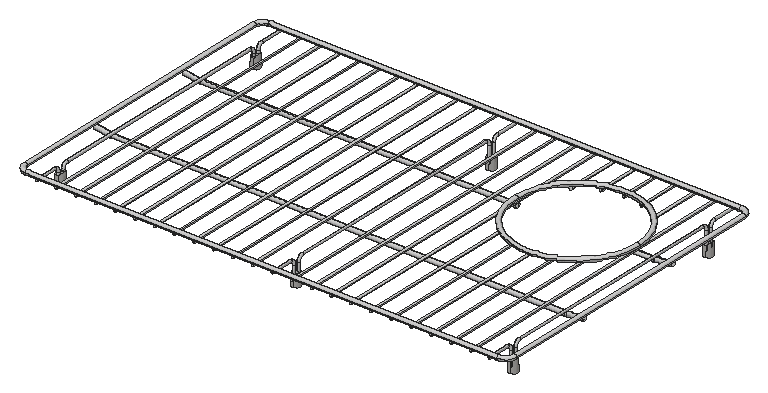
Revit family "Accessory-Sink_Rack-KOHLER-K-33716 ", category Specialty Equipment, host Face, Revit 2021 (continued)
Definition of nested family "K-33716"
  Automatic sketch dimensions
    Sweep 7 sketch curve to profile plane = 0.05275"
    profile plane to Sweep 7 sketch curve = 10.56014"
    plane 16 to Extrusion 8 sketch curve = 0.05048"  (x21)
    plane 8 to Extrusion 8 sketch curve = 0.91632"
    Extrusion 8 sketch curve to Extrusion 8 sketch curve = 0.916"  (x12)
    Extrusion 8 sketch curve to plane 3 "Center (Left/Right)" = 0.47486"
    plane 9 to Extrusion 8 sketch curve = 0.9162"
    Extrusion 8 sketch curve to Extrusion 8 sketch curve = 0.935"  (x3)
    Extrusion 8 sketch curve to plane 17 = 0.93431"
    plane 17 to Extrusion 8 sketch curve = 0.00069"
    Extrusion 8 sketch curve to plane 10 = 0.84391"
    Blend 9 sketch curve to plane 14 = 0.00112"  (x2)
    Blend 9 sketch curve to plane 8 = 0.12687"
    Blend 9 sketch curve to plane 8 = 0.00044"
    Blend 9 sketch curve to plane 8 = 0.00042"
    plane 8 to Blend 9 sketch curve = 0.12862"
    plane 14 to Blend 9 sketch curve = 0.14214"
    Blend 9 sketch curve to plane 14 = 0.13978"
    Blend 9 sketch curve to plane 8 = 0.08391"
    Blend 9 sketch curve to Blend 9 sketch curve = 0"  (x6)
    Blend 9 sketch curve to plane 14 = 0.00053"
    Blend 9 sketch curve to plane 8 = 0.1404"
    Blend 9 sketch curve to plane 8 = 0.00366"
    Blend 9 sketch curve to plane 8 = 0.00191"
    plane 14 to Blend 9 sketch curve = 0.00236"
    plane 8 to Blend 9 sketch curve = 0.16689"
    plane 14 to Blend 9 sketch curve = 0.12684"
    Blend 9 sketch curve to plane 14 = 0.13979"
    Blend 9 sketch curve to plane 8 = 0.08995"
    Blend 10 sketch curve to plane 14 = 0.00112"  (x2)
    Blend 10 sketch curve to plane 9 = 0.12761"
    Blend 10 sketch curve to plane 9 = 0.00119"
    Blend 10 sketch curve to plane 9 = 0.00116"
    plane 9 to Blend 10 sketch curve = 0.12787"
    plane 14 to Blend 10 sketch curve = 0.14214"
    Blend 10 sketch curve to plane 14 = 0.13978"
    Blend 10 sketch curve to plane 9 = 0.08466"
    Blend 10 sketch curve to Blend 10 sketch curve = 0"  (x6)
    Blend 10 sketch curve to plane 14 = 0.00053"
    Blend 10 sketch curve to plane 9 = 0.14114"
    Blend 10 sketch curve to plane 9 = 0.0044"
    Blend 10 sketch curve to plane 9 = 0.00265"
    plane 14 to Blend 10 sketch curve = 0.00236"
    plane 9 to Blend 10 sketch curve = 0.16615"
    plane 14 to Blend 10 sketch curve = 0.12684"
    Blend 10 sketch curve to plane 14 = 0.13979"
    Blend 10 sketch curve to plane 9 = 0.09069"
    Blend 11 sketch curve to plane 14 = 0.00112"  (x2)
    Blend 11 sketch curve to plane 10 = 0.12696"
    Blend 11 sketch curve to plane 10 = 0.00053"
    Blend 11 sketch curve to plane 10 = 0.00051"
    plane 10 to Blend 11 sketch curve = 0.12853"
    plane 14 to Blend 11 sketch curve = 0.14214"
    Blend 11 sketch curve to plane 14 = 0.13978"
    Blend 11 sketch curve to plane 10 = 0.08401"
    Blend 11 sketch curve to Blend 11 sketch curve = 0"  (x6)
    Blend 11 sketch curve to plane 14 = 0.00053"
    Blend 11 sketch curve to plane 10 = 0.14049"
    Blend 11 sketch curve to plane 10 = 0.00375"
    Blend 11 sketch curve to plane 10 = 0.002"
    plane 14 to Blend 11 sketch curve = 0.00236"
    plane 10 to Blend 11 sketch curve = 0.1668"
    plane 14 to Blend 11 sketch curve = 0.12684"
    Blend 11 sketch curve to plane 14 = 0.13979"
    Blend 11 sketch curve to plane 10 = 0.09004"
    plane 15 to Blend 12 sketch curve = 0.0011"  (x2)
    Blend 12 sketch curve to plane 8 = 0.12818"
    Blend 12 sketch curve to plane 8 = 0.00175"
    Blend 12 sketch curve to plane 8 = 0.00173"
    plane 8 to Blend 12 sketch curve = 0.12731"
    plane 15 to Blend 12 sketch curve = 0.14437"
    Blend 12 sketch curve to plane 15 = 0.13755"
    Blend 12 sketch curve to plane 8 = 0.08522"
    Blend 12 sketch curve to Blend 12 sketch curve = 0"  (x6)
    plane 15 to Blend 12 sketch curve = 0.0017"
    Blend 12 sketch curve to plane 8 = 0.14171"
    Blend 12 sketch curve to plane 8 = 0.00497"
    Blend 12 sketch curve to plane 8 = 0.00322"
    plane 15 to Blend 12 sketch curve = 0.00459"
    plane 8 to Blend 12 sketch curve = 0.16559"
    plane 15 to Blend 12 sketch curve = 0.12907"
    Blend 12 sketch curve to plane 15 = 0.13756"
    Blend 12 sketch curve to plane 8 = 0.09126"
    plane 15 to Blend 13 sketch curve = 0.0011"  (x2)
    Blend 13 sketch curve to plane 9 = 0.12834"
    Blend 13 sketch curve to plane 9 = 0.00191"
    Blend 13 sketch curve to plane 9 = 0.00189"
    plane 9 to Blend 13 sketch curve = 0.12715"
    plane 15 to Blend 13 sketch curve = 0.14437"
    Blend 13 sketch curve to plane 15 = 0.13755"
    Blend 13 sketch curve to plane 9 = 0.08538"
    Blend 13 sketch curve to Blend 13 sketch curve = 0"  (x6)
    plane 15 to Blend 13 sketch curve = 0.0017"
    Blend 13 sketch curve to plane 9 = 0.14187"
    Blend 13 sketch curve to plane 9 = 0.00513"
    Blend 13 sketch curve to plane 9 = 0.00338"
    plane 15 to Blend 13 sketch curve = 0.00459"
    plane 9 to Blend 13 sketch curve = 0.16543"
    plane 15 to Blend 13 sketch curve = 0.12907"
    Blend 13 sketch curve to plane 15 = 0.13756"
    Blend 13 sketch curve to plane 9 = 0.09142"
    plane 15 to Blend 14 sketch curve = 0.0011"  (x2)
    Blend 14 sketch curve to plane 10 = 0.12705"
    Blend 14 sketch curve to plane 10 = 0.00063"
    Blend 14 sketch curve to plane 10 = 0.0006"
    plane 10 to Blend 14 sketch curve = 0.12843"
    plane 15 to Blend 14 sketch curve = 0.14437"
    Blend 14 sketch curve to plane 15 = 0.13755"
    Blend 14 sketch curve to plane 10 = 0.0841"
    Blend 14 sketch curve to Blend 14 sketch curve = 0"  (x6)
    plane 15 to Blend 14 sketch curve = 0.0017"
    Blend 14 sketch curve to plane 10 = 0.14058"
    Blend 14 sketch curve to plane 10 = 0.00384"
    Blend 14 sketch curve to plane 10 = 0.00209"
    plane 15 to Blend 14 sketch curve = 0.00459"
    plane 10 to Blend 14 sketch curve = 0.16671"
    plane 15 to Blend 14 sketch curve = 0.12907"
    Blend 14 sketch curve to plane 15 = 0.13756"
    Blend 14 sketch curve to plane 10 = 0.09013"
    Extrusion 15 sketch curve to Extrusion 15 sketch curve = 0"  (x2)
    Extrusion 15 sketch curve to plane 13 = 0.03361"
    plane 14 to Extrusion 15 sketch curve = 0.28761"
    Extrusion 15 sketch curve to plane 14 = 0.00171"
    plane 13 to Extrusion 15 sketch curve = 0.10185"
    Extrusion 15 sketch curve to plane 14 = 0.21901"
    Extrusion 15 sketch curve to Extrusion 15 sketch curve = 0.05067"
    plane 13 to Extrusion 15 sketch curve = 0.08479"
    Extrusion 15 sketch curve to Extrusion 15 sketch curve = 0.0085"
    Extrusion 15 sketch curve to plane 12 = 0.13771"
    Extrusion 15 sketch curve to Extrusion 15 sketch curve = 0.04831"
    Extrusion 16 sketch curve to plane 12 = 0.07157"
    plane 14 to Extrusion 16 sketch curve = 0.24102"
    plane 14 to Extrusion 16 sketch curve = 0.00076"
    Extrusion 16 sketch curve to plane 12 = 0.15563"
    Extrusion 16 sketch curve to plane 14 = 0.24991"
    Extrusion 16 sketch curve to plane 13 = 0.01994"
    plane 13 to Extrusion 17 sketch curve = 0.0161"
    plane 15 to Extrusion 17 sketch curve = 0.29016"
    Extrusion 17 sketch curve to plane 15 = 0.00149"
    plane 13 to Extrusion 17 sketch curve = 0.12804"
    Extrusion 17 sketch curve to plane 15 = 0.27667"
    Extrusion 17 sketch curve to Extrusion 17 sketch curve = 0.12205"
    Extrusion 18 sketch curve to plane 12 = 0.02058"
    plane 15 to Extrusion 18 sketch curve = 0.25348"
    Extrusion 18 sketch curve to plane 15 = 0.00153"
    Extrusion 18 sketch curve to plane 12 = 0.1014"
    Extrusion 18 sketch curve to plane 15 = 0.25164"
    Extrusion 18 sketch curve to Extrusion 18 sketch curve = 0.08333"
    level to Extrusion 19 sketch curve = 0.132"
    plane 15 to Extrusion 19 sketch curve = 0.27961"
    Extrusion 19 sketch curve to plane 15 = 0.00069"
    Extrusion 19 sketch curve to plane 15 = 0.27715"
    Extrusion 19 sketch curve to Extrusion 19 sketch curve = 0.09283"
    Extrusion 19 sketch curve to Extrusion 19 sketch curve = 0.09514"
    plane 15 to Extrusion 20 sketch curve = 0.26977"
    Extrusion 20 sketch curve to plane 15 = 0.00126"
    Extrusion 20 sketch curve to plane 15 = 0.25706"
    level to Extrusion 20 sketch curve = 0.16618"
    plane 13 to Extrusion 20 sketch curve = 0.18476"
    Extrusion 20 sketch curve to Extrusion 20 sketch curve = 0.10018"
    Extrusion 21 sketch curve to level = 0.02623"
    plane 14 to Extrusion 21 sketch curve = 0.27223"
    Extrusion 21 sketch curve to plane 14 = 0.00069"
    Extrusion 21 sketch curve to plane 14 = 0.28893"
    level to Extrusion 21 sketch curve = 0.07771"
    level to Extrusion 21 sketch curve = 0.08775"
    plane 14 to Extrusion 22 sketch curve = 0.26031"
    plane 14 to Extrusion 22 sketch curve = 0.00032"
    Extrusion 22 sketch curve to plane 14 = 0.25435"
    level to Extrusion 22 sketch curve = 0.00921"
    plane 13 to Extrusion 22 sketch curve = 0.04336"
    Extrusion 22 sketch curve to Extrusion 22 sketch curve = 0.08558"
    plane 15 to Extrusion 23 sketch curve = 0.27369"
    Extrusion 23 sketch curve to plane 15 = 0.00093"
    Extrusion 23 sketch curve to plane 15 = 0.27684"
    level to Extrusion 23 sketch curve = 0.16297"
    Extrusion 23 sketch curve to Extrusion 23 sketch curve = 0.11141"
    Extrusion 23 sketch curve to Extrusion 23 sketch curve = 0.11217"
    plane 15 to Extrusion 24 sketch curve = 0.27337"
    plane 15 to Extrusion 24 sketch curve = 0.00047"
    Extrusion 24 sketch curve to plane 15 = 0.24607"
    level to Extrusion 24 sketch curve = 0.20096"
    plane 13 to Extrusion 24 sketch curve = 0.23558"
    Extrusion 24 sketch curve to Extrusion 24 sketch curve = 0.09305"
    level to Extrusion 25 sketch curve = 0.04741"
    plane 14 to Extrusion 25 sketch curve = 0.28189"
    plane 14 to Extrusion 25 sketch curve = 0.0014"
    Extrusion 25 sketch curve to plane 14 = 0.2899"
    Extrusion 25 sketch curve to Extrusion 25 sketch curve = 0.11635"
    Extrusion 25 sketch curve to Extrusion 25 sketch curve = 0.12351"
    plane 14 to Extrusion 26 sketch curve = 0.27075"
    Extrusion 26 sketch curve to plane 14 = 0.00075"
    Extrusion 26 sketch curve to plane 14 = 0.26177"
    level to Extrusion 26 sketch curve = 0.09107"
    plane 13 to Extrusion 26 sketch curve = 0.11953"
    Extrusion 26 sketch curve to Extrusion 26 sketch curve = 0.08939"
    Extrusion 27 sketch curve to plane 17 = 0"
    plane 18 to Extrusion 27 sketch curve = 0"
    Extrusion 28 sketch curve to Extrusion 28 sketch curve = 0"  (x8)
    Extrusion 28 sketch curve to plane 7 = 0"
    plane 5 to Extrusion 28 sketch curve = 0"
    plane 4 to Extrusion 28 sketch curve = 0"
    Extrusion 28 sketch curve to plane 6 = 0"
    plane 7 to Extrusion 28 sketch curve = 0.18898"
    Extrusion 28 sketch curve to Extrusion 28 sketch curve = 0.29961"  (x3)
    Extrusion 28 sketch curve to Extrusion 28 sketch curve = 0.29974"
    plane 16 to Extrusion 29 sketch curve = 0.01051"
    plane 1 "Center (Front/Back)" to Extrusion 29 sketch curve = 2.58084"
    Extrusion 30 sketch curve to plane 18 = 0.00245"
    plane 16 to Extrusion 30 sketch curve = 0.01051"
    Extrusion 31 sketch curve to Extrusion 31 sketch curve = 0"  (x2)
    Extrusion 31 sketch curve to plane 17 = 0"
    plane 18 to Extrusion 31 sketch curve = 0"
    Extrusion 32 sketch curve to plane 15 = 0.00058"
    Extrusion 32 sketch curve to plane 10 = 0.13289"
    plane 10 to Extrusion 32 sketch curve = 0.00129"
    plane 10 to Extrusion 32 sketch curve = 0.00206"
    Extrusion 32 sketch curve to plane 15 = 0.00133"
    plane 10 to Extrusion 32 sketch curve = 0.12696"
    plane 15 to Extrusion 32 sketch curve = 0.14002"
    Extrusion 32 sketch curve to plane 15 = 0.14457"
    Extrusion 32 sketch curve to plane 10 = 0.07578"
    Extrusion 32 sketch curve to Extrusion 32 sketch curve = 0"  (x3)
    Extrusion 33 sketch curve to plane 15 = 0.00058"
    Extrusion 33 sketch curve to plane 9 = 0.13726"
    Extrusion 33 sketch curve to plane 9 = 0.00308"
    Extrusion 33 sketch curve to plane 9 = 0.0023"
    Extrusion 33 sketch curve to plane 15 = 0.00133"
    plane 9 to Extrusion 33 sketch curve = 0.12259"
    plane 15 to Extrusion 33 sketch curve = 0.14002"
    Extrusion 33 sketch curve to plane 15 = 0.14457"
    Extrusion 33 sketch curve to plane 9 = 0.08015"
    Extrusion 33 sketch curve to Extrusion 33 sketch curve = 0"  (x3)
    Extrusion 34 sketch curve to plane 15 = 0.00058"
    Extrusion 34 sketch curve to plane 8 = 0.13808"
    Extrusion 34 sketch curve to plane 8 = 1/256"
    Extrusion 34 sketch curve to plane 8 = 0.00312"
    Extrusion 34 sketch curve to plane 15 = 0.00133"
    plane 8 to Extrusion 34 sketch curve = 0.12177"
    plane 15 to Extrusion 34 sketch curve = 0.14002"
    Extrusion 34 sketch curve to plane 15 = 0.14457"
    Extrusion 34 sketch curve to plane 8 = 0.08097"
    Extrusion 34 sketch curve to Extrusion 34 sketch curve = 0"  (x3)
    Extrusion 35 sketch curve to plane 14 = 0.00002"
    Extrusion 35 sketch curve to plane 10 = 0.13631"
    Extrusion 35 sketch curve to plane 10 = 0.00213"
    Extrusion 35 sketch curve to plane 10 = 0.00135"
    Extrusion 35 sketch curve to plane 14 = 0.00077"
    plane 10 to Extrusion 35 sketch curve = 0.12354"
    plane 14 to Extrusion 35 sketch curve = 0.14058"
    Extrusion 35 sketch curve to plane 14 = 0.14401"
    Extrusion 35 sketch curve to plane 10 = 0.0792"
    Extrusion 35 sketch curve to Extrusion 35 sketch curve = 0"  (x3)
    Extrusion 36 sketch curve to plane 14 = 0.00002"
    Extrusion 36 sketch curve to plane 9 = 0.13895"
    Extrusion 36 sketch curve to plane 9 = 0.00477"
    Extrusion 36 sketch curve to plane 9 = 0.00399"
    Extrusion 36 sketch curve to plane 14 = 0.00077"
    plane 9 to Extrusion 36 sketch curve = 0.1209"
    plane 14 to Extrusion 36 sketch curve = 0.14058"
    Extrusion 36 sketch curve to plane 14 = 0.14401"
    Extrusion 36 sketch curve to plane 9 = 0.08184"
    Extrusion 36 sketch curve to Extrusion 36 sketch curve = 0"  (x3)
    Extrusion 37 sketch curve to plane 14 = 0.00002"
    Extrusion 37 sketch curve to plane 8 = 0.13635"
    Extrusion 37 sketch curve to plane 8 = 0.00217"
    Extrusion 37 sketch curve to plane 8 = 0.0014"
    Extrusion 37 sketch curve to plane 14 = 0.00077"
    plane 8 to Extrusion 37 sketch curve = 0.1235"
    plane 14 to Extrusion 37 sketch curve = 0.14058"
    Extrusion 37 sketch curve to plane 14 = 0.14401"
    Extrusion 37 sketch curve to plane 8 = 0.07924"
    Extrusion 37 sketch curve to Extrusion 37 sketch curve = 0"  (x3)
    Extrusion 38 sketch curve to plane 5 = 3/32"
    Extrusion 38 sketch curve to plane 16 = 0.00227"  (x3)
    plane 15 to Extrusion 38 sketch curve = 0.34194"
    Extrusion 38 sketch curve to Extrusion 38 sketch curve = 0.00233"
    Extrusion 38 sketch curve to plane 13 = 0.02912"
    plane 15 to Extrusion 38 sketch curve = 0.1866"
    plane 15 to Extrusion 38 sketch curve = 0.08167"
    Extrusion 38 sketch curve to plane 15 = 0.00325"
    Extrusion 38 sketch curve to plane 15 = 0.00333"
    Extrusion 38 sketch curve to Extrusion 38 sketch curve = 0.15529"
    Extrusion 38 sketch curve to Extrusion 38 sketch curve = 0.00448"
    plane 14 to Extrusion 38 sketch curve = 0.35065"
    Extrusion 38 sketch curve to Extrusion 38 sketch curve = 0.00738"
    plane 12 to Extrusion 38 sketch curve = 0.02822"
    plane 14 to Extrusion 38 sketch curve = 0.08578"
    plane 14 to Extrusion 38 sketch curve = 0.00208"
    plane 14 to Extrusion 38 sketch curve = 0.0019"
    plane 12 to Extrusion 38 sketch curve = 0.02835"
    Extrusion 38 sketch curve to Extrusion 38 sketch curve = 0.15786"
    Extrusion 38 sketch curve to Extrusion 38 sketch curve = 0.00596"
    plane 4 to Extrusion 38 sketch curve = 0.09236"
    Extrusion 38 sketch curve to plane 13 = 0.1689"
    Extrusion 38 sketch curve to Extrusion 38 sketch curve = 0.00881"
    Extrusion 38 sketch curve to plane 13 = 0.01888"
    Extrusion 38 sketch curve to Extrusion 38 sketch curve = 0.00376"
    Extrusion 38 sketch curve to Extrusion 38 sketch curve = 0.0029"
    Extrusion 39 sketch curve to plane 5 = 3/32"
    Extrusion 39 sketch curve to plane 16 = 0.00227"  (x3)
    plane 15 to Extrusion 39 sketch curve = 0.34194"
    Extrusion 39 sketch curve to Extrusion 39 sketch curve = 0.00233"
    Extrusion 39 sketch curve to plane 13 = 0.02912"
    plane 15 to Extrusion 39 sketch curve = 0.1866"
    plane 15 to Extrusion 39 sketch curve = 0.08167"
    Extrusion 39 sketch curve to plane 15 = 0.00325"
    Extrusion 39 sketch curve to plane 15 = 0.00333"
    Extrusion 39 sketch curve to Extrusion 39 sketch curve = 0.15529"
    Extrusion 39 sketch curve to Extrusion 39 sketch curve = 0.00448"
    plane 14 to Extrusion 39 sketch curve = 0.35065"
    Extrusion 39 sketch curve to Extrusion 39 sketch curve = 0.00738"
    plane 12 to Extrusion 39 sketch curve = 0.02822"
    plane 14 to Extrusion 39 sketch curve = 0.08578"
    plane 14 to Extrusion 39 sketch curve = 0.00208"
    plane 14 to Extrusion 39 sketch curve = 0.0019"
    plane 12 to Extrusion 39 sketch curve = 0.02835"
    Extrusion 39 sketch curve to Extrusion 39 sketch curve = 0.15786"
    Extrusion 39 sketch curve to Extrusion 39 sketch curve = 0.00596"
    plane 4 to Extrusion 39 sketch curve = 0.09236"
    Extrusion 39 sketch curve to plane 13 = 0.1689"
    Extrusion 39 sketch curve to Extrusion 39 sketch curve = 0.00881"
    Extrusion 39 sketch curve to plane 13 = 0.01888"
    Extrusion 39 sketch curve to Extrusion 39 sketch curve = 0.00376"
    Extrusion 39 sketch curve to Extrusion 39 sketch curve = 0.0029"
    Extrusion 40 sketch curve to plane 5 = 3/32"
    Extrusion 40 sketch curve to plane 16 = 0.00227"  (x3)
    plane 15 to Extrusion 40 sketch curve = 0.34194"
    Extrusion 40 sketch curve to Extrusion 40 sketch curve = 0.00233"
    plane 13 to Extrusion 40 sketch curve = 0.03239"
    plane 15 to Extrusion 40 sketch curve = 0.1866"
    plane 15 to Extrusion 40 sketch curve = 0.08167"
    Extrusion 40 sketch curve to plane 15 = 0.00325"
    Extrusion 40 sketch curve to plane 15 = 0.00333"
    Extrusion 40 sketch curve to Extrusion 40 sketch curve = 0.15529"
    Extrusion 40 sketch curve to Extrusion 40 sketch curve = 0.00448"
    plane 14 to Extrusion 40 sketch curve = 0.35065"
    Extrusion 40 sketch curve to Extrusion 40 sketch curve = 0.00738"
    plane 12 to Extrusion 40 sketch curve = 0.02822"
    plane 14 to Extrusion 40 sketch curve = 0.08578"
    plane 14 to Extrusion 40 sketch curve = 0.00208"
    plane 14 to Extrusion 40 sketch curve = 0.0019"
    plane 12 to Extrusion 40 sketch curve = 0.02835"
    Extrusion 40 sketch curve to Extrusion 40 sketch curve = 0.15786"
    Extrusion 40 sketch curve to Extrusion 40 sketch curve = 0.00596"
    plane 4 to Extrusion 40 sketch curve = 0.09236"
    Extrusion 40 sketch curve to plane 13 = 0.07047"
    Extrusion 40 sketch curve to Extrusion 40 sketch curve = 0.00881"
    plane 13 to Extrusion 40 sketch curve = 0.04263"
    Extrusion 40 sketch curve to Extrusion 40 sketch curve = 0.00376"
    Extrusion 40 sketch curve to Extrusion 40 sketch curve = 0.0029"
    Extrusion 41 sketch curve to plane 5 = 3/32"
    Extrusion 41 sketch curve to plane 16 = 0.00227"  (x3)
    plane 15 to Extrusion 41 sketch curve = 0.34194"
    Extrusion 41 sketch curve to Extrusion 41 sketch curve = 0.00233"
    plane 13 to Extrusion 41 sketch curve = 0.33997"
    plane 15 to Extrusion 41 sketch curve = 0.1866"
    plane 15 to Extrusion 41 sketch curve = 0.08167"
    Extrusion 41 sketch curve to plane 15 = 0.00325"
    Extrusion 41 sketch curve to plane 15 = 0.00333"
    Extrusion 41 sketch curve to Extrusion 41 sketch curve = 0.15529"
    Extrusion 41 sketch curve to Extrusion 41 sketch curve = 0.00448"
    plane 14 to Extrusion 41 sketch curve = 0.35065"
    Extrusion 41 sketch curve to Extrusion 41 sketch curve = 0.00738"
    plane 12 to Extrusion 41 sketch curve = 0.02822"
    plane 14 to Extrusion 41 sketch curve = 0.08578"
    plane 14 to Extrusion 41 sketch curve = 0.00208"
    plane 14 to Extrusion 41 sketch curve = 0.0019"
    plane 12 to Extrusion 41 sketch curve = 0.02835"
    Extrusion 41 sketch curve to Extrusion 41 sketch curve = 0.15786"
    Extrusion 41 sketch curve to Extrusion 41 sketch curve = 0.00596"
    plane 4 to Extrusion 41 sketch curve = 0.09236"
    plane 13 to Extrusion 41 sketch curve = 0.28632"
    Extrusion 41 sketch curve to Extrusion 41 sketch curve = 0.00881"
    plane 13 to Extrusion 41 sketch curve = 0.35021"
    Extrusion 41 sketch curve to Extrusion 41 sketch curve = 0.00376"
    Extrusion 41 sketch curve to Extrusion 41 sketch curve = 0.0029"
    plane 16 to Extrusion 42 sketch curve = 0.05048"  (x21)
    Extrusion 42 sketch curve to plane 10 = 0.84391"
    Extrusion 42 sketch curve to Extrusion 42 sketch curve = 0.05275"  (x21)
    Extrusion 42 sketch curve to Extrusion 42 sketch curve = 0.88225"  (x5)
    plane 17 to Extrusion 42 sketch curve = 0.00069"
    Extrusion 42 sketch curve to Extrusion 42 sketch curve = 0.86325"  (x13)
    Extrusion 42 sketch curve to plane 3 "Center (Left/Right)" = 0.47486"
    Extrusion 42 sketch curve to Extrusion 42 sketch curve = 0"  (x2)
    Extrusion 43 sketch curve to plane 17 = 0"
    plane 18 to Extrusion 43 sketch curve = 0"
    Masking region 2 sketch curve to plane 11 = 0"
    Masking region 2 sketch curve to plane 16 = 0"  (x23)
    Masking region 2 sketch curve to plane 12 = 0"  (x2)
    Masking region 2 sketch curve to plane 9 = 0.00328"
    Masking region 2 sketch curve to plane 9 = 0.01091"
    Masking region 2 sketch curve to plane 9 = 0.05257"
    Masking region 2 sketch curve to plane 9 = 0.09733"
    Masking region 2 sketch curve to Masking region 2 sketch curve = 0.06841"
    Masking region 2 sketch curve to Masking region 2 sketch curve = 0.00034"
    Masking region 2 sketch curve to Masking region 2 sketch curve = 0.03004"  (x2)
    Masking region 2 sketch curve to Masking region 2 sketch curve = 0.00482"  (x2)
    Masking region 2 sketch curve to Masking region 2 sketch curve = 0.02784"
    plane 16 to Masking region 2 sketch curve = 0.1038"  (x10)
    Masking region 2 sketch curve to plane 3 "Center (Left/Right)" = 0.46403"
    Masking region 2 sketch curve to Masking region 2 sketch curve = 0"  (x27)
    Masking region 2 sketch curve to Masking region 2 sketch curve = 0.00999"
    Masking region 2 sketch curve to Masking region 2 sketch curve = 0.00054"
    Masking region 2 sketch curve to Masking region 2 sketch curve = 0.02421"  (x2)
    Masking region 2 sketch curve to Masking region 2 sketch curve = 0.892"
    Masking region 2 sketch curve to Masking region 2 sketch curve = 0.00967"
    Masking region 2 sketch curve to Masking region 2 sketch curve = 0.00246"
    Masking region 2 sketch curve to Masking region 2 sketch curve = 0.02523"  (x2)
    Masking region 2 sketch curve to Masking region 2 sketch curve = 0.89066"
    Masking region 2 sketch curve to Masking region 2 sketch curve = 0.01102"
    Masking region 2 sketch curve to Masking region 2 sketch curve = 0.02207"  (x2)
    Masking region 2 sketch curve to Masking region 2 sketch curve = 0.88695"
    Masking region 2 sketch curve to Masking region 2 sketch curve = 0.00736"
    Masking region 2 sketch curve to Masking region 2 sketch curve = 0.01316"
    Masking region 2 sketch curve to Masking region 2 sketch curve = 0.04327"  (x2)
    Masking region 2 sketch curve to Masking region 2 sketch curve = 0.87853"
    Masking region 2 sketch curve to Masking region 2 sketch curve = 0.00797"
    Masking region 2 sketch curve to Masking region 2 sketch curve = 0.00433"
    Masking region 2 sketch curve to Masking region 2 sketch curve = 0.0308"  (x2)
    Masking region 2 sketch curve to Masking region 2 sketch curve = 0.88675"
    Masking region 2 sketch curve to Masking region 2 sketch curve = 0.00535"
    Masking region 2 sketch curve to Masking region 2 sketch curve = 0.0052"
    Masking region 2 sketch curve to Masking region 2 sketch curve = 0.03105"  (x2)
    Masking region 2 sketch curve to Masking region 2 sketch curve = 0.88419"
    Masking region 2 sketch curve to Masking region 2 sketch curve = 0.00905"
    Masking region 2 sketch curve to Masking region 2 sketch curve = 0.00214"
    Masking region 2 sketch curve to Masking region 2 sketch curve = 0.02742"  (x2)
    Masking region 2 sketch curve to Masking region 2 sketch curve = 0.8847"
    Masking region 2 sketch curve to Masking region 2 sketch curve = 0.01189"
    Masking region 2 sketch curve to Masking region 2 sketch curve = 0.00464"
    Masking region 2 sketch curve to Masking region 2 sketch curve = 0.03206"  (x2)
    Masking region 2 sketch curve to Masking region 2 sketch curve = 0.88363"
    Masking region 2 sketch curve to Masking region 2 sketch curve = 0.00742"
    Masking region 2 sketch curve to Masking region 2 sketch curve = 0.00446"
    Masking region 2 sketch curve to Masking region 2 sketch curve = 0.00402"
    Masking region 2 sketch curve to Masking region 2 sketch curve = 0.02635"
    Masking region 2 sketch curve to Masking region 2 sketch curve = 0.03377"
    Masking region 2 sketch curve to Masking region 2 sketch curve = 0.88223"
    Masking region 2 sketch curve to Masking region 2 sketch curve = 0.01091"
    Masking region 2 sketch curve to Masking region 2 sketch curve = 0.00091"
    Masking region 2 sketch curve to Masking region 2 sketch curve = 0.00393"
    Masking region 2 sketch curve to Masking region 2 sketch curve = 0.02313"
    Masking region 2 sketch curve to Masking region 2 sketch curve = 0.03404"
    Masking region 2 sketch curve to Masking region 2 sketch curve = 0.88513"
    Masking region 2 sketch curve to Masking region 2 sketch curve = 0.01076"
    Masking region 2 sketch curve to Masking region 2 sketch curve = 0.00131"
    Masking region 2 sketch curve to Masking region 2 sketch curve = 0.02616"  (x2)
    plane 13 to Masking region 2 sketch curve = 0.04744"
    plane 8 to Masking region 2 sketch curve = 0.17628"
    Masking region 2 sketch curve to Masking region 2 sketch curve = 0.0003"
    plane 13 to Masking region 2 sketch curve = 0.08681"
    Masking region 2 sketch curve to Masking region 2 sketch curve = 0.00249"
    Masking region 2 sketch curve to plane 12 = 0.06971"
    plane 8 to Masking region 2 sketch curve = 0.1527"
    Masking region 2 sketch curve to Masking region 2 sketch curve = 0.02723"
    Masking region 2 sketch curve to Masking region 2 sketch curve = 0.02789"
    plane 8 to Masking region 2 sketch curve = 0.0525"
    plane 8 to Masking region 2 sketch curve = 0.05249"
    plane 8 to Masking region 2 sketch curve = 0.03333"
    plane 8 to Masking region 2 sketch curve = 0.00642"
    plane 8 to Masking region 2 sketch curve = 0.00337"
    Masking region 2 sketch curve to plane 8 = 0.00013"
    Masking region 2 sketch curve to plane 8 = 0.00975"
    Masking region 2 sketch curve to plane 8 = 0.03221"
    Masking region 2 sketch curve to plane 12 = 0.04337"
    Masking region 2 sketch curve to plane 12 = 0.06977"
    Masking region 2 sketch curve to Masking region 2 sketch curve = 0.02787"
    plane 13 to Masking region 2 sketch curve = 0.12965"
    Masking region 2 sketch curve to Masking region 2 sketch curve = 0.00113"
    plane 13 to Masking region 2 sketch curve = 0.04742"
    Masking region 2 sketch curve to Masking region 2 sketch curve = 0.02779"
    plane 7 to Masking region 2 sketch curve = 0.09707"
    Masking region 2 sketch curve to Masking region 2 sketch curve = 0.03469"
    plane 7 to Masking region 2 sketch curve = 0.0704"
    plane 9 to Masking region 2 sketch curve = 0.00228"
    plane 9 to Masking region 2 sketch curve = 0.01105"
    plane 9 to Masking region 2 sketch curve = 0.05283"  (x2)
    plane 9 to Masking region 2 sketch curve = 0.09733"
    Masking region 2 sketch curve to Masking region 2 sketch curve = 0.06849"
    Masking region 2 sketch curve to Masking region 2 sketch curve = 0.00302"
    Masking region 2 sketch curve to Masking region 2 sketch curve = 0.02677"
    Masking region 2 sketch curve to Masking region 2 sketch curve = 0.8451"
    Masking region 2 sketch curve to Masking region 2 sketch curve = 0.01759"
    Masking region 2 sketch curve to Masking region 2 sketch curve = 0.00399"
    Masking region 2 sketch curve to Masking region 2 sketch curve = 0.03153"  (x2)
    Masking region 2 sketch curve to Masking region 2 sketch curve = 0.88992"
    Masking region 2 sketch curve to Masking region 2 sketch curve = 0.0135"
    Masking region 2 sketch curve to Masking region 2 sketch curve = 0.00023"
    Masking region 2 sketch curve to Masking region 2 sketch curve = 0.0281"
    Masking region 2 sketch curve to Masking region 2 sketch curve = 0.88334"
    Masking region 2 sketch curve to Masking region 2 sketch curve = 0.01504"
    Masking region 2 sketch curve to Masking region 2 sketch curve = 0.00499"
    Masking region 2 sketch curve to Masking region 2 sketch curve = 0.02751"  (x2)
    Masking region 2 sketch curve to Masking region 2 sketch curve = 0.88745"
    Masking region 2 sketch curve to Masking region 2 sketch curve = 0.01765"
    Masking region 2 sketch curve to Masking region 2 sketch curve = 0.00417"
    Masking region 2 sketch curve to Masking region 2 sketch curve = 0.02658"
    Masking region 2 sketch curve to Masking region 2 sketch curve = 0.0337"
    Masking region 2 sketch curve to Masking region 2 sketch curve = 0.90264"
    Masking region 2 sketch curve to Masking region 2 sketch curve = 0.01624"
    Masking region 2 sketch curve to Masking region 2 sketch curve = 0.00362"
    Masking region 2 sketch curve to Masking region 2 sketch curve = 0.02957"  (x2)
    Masking region 2 sketch curve to Masking region 2 sketch curve = 0.90097"
    Masking region 2 sketch curve to Masking region 2 sketch curve = 0.02077"
    Masking region 2 sketch curve to Masking region 2 sketch curve = 0.0067"
    Masking region 2 sketch curve to Masking region 2 sketch curve = 0.02955"
    Masking region 2 sketch curve to Masking region 2 sketch curve = 0.03681"
    Masking region 2 sketch curve to plane 17 = 0.0146"
    Masking region 2 sketch curve to plane 17 = 0.00861"
    plane 17 to Masking region 2 sketch curve = 0.00002"
    Masking region 2 sketch curve to Masking region 2 sketch curve = 0.00155"
    plane 17 to Masking region 2 sketch curve = 0.00798"
    plane 17 to Masking region 2 sketch curve = 0.01599"
    Masking region 2 sketch curve to Masking region 2 sketch curve = 0.90618"
    Masking region 2 sketch curve to Masking region 2 sketch curve = 0.0127"
    Masking region 2 sketch curve to Masking region 2 sketch curve = 0.00158"  (x2)
    Masking region 2 sketch curve to Masking region 2 sketch curve = 0.02302"
    Masking region 2 sketch curve to Masking region 2 sketch curve = 0.02882"
    Masking region 2 sketch curve to Masking region 2 sketch curve = 0.90745"
    Masking region 2 sketch curve to Masking region 2 sketch curve = 0.01758"
    Masking region 2 sketch curve to Masking region 2 sketch curve = 0.00343"
    Masking region 2 sketch curve to Masking region 2 sketch curve = 0.0228"
    Masking region 2 sketch curve to Masking region 2 sketch curve = 0.03335"
    Masking region 2 sketch curve to plane 10 = 0.86207"
    Masking region 2 sketch curve to Masking region 2 sketch curve = 0.01771"
    Masking region 2 sketch curve to Masking region 2 sketch curve = 0.00346"
    Masking region 2 sketch curve to Masking region 2 sketch curve = 0.03056"  (x2)
    level to Masking region 2 sketch curve = 0.05185"
    Masking region 2 sketch curve to plane 10 = 0.17551"
    Masking region 2 sketch curve to Masking region 2 sketch curve = 0.00002"
    Masking region 2 sketch curve to plane 10 = 0.15083"
    Masking region 2 sketch curve to Masking region 2 sketch curve = 0.03074"
    Masking region 2 sketch curve to Masking region 2 sketch curve = 0.03022"  (x2)
    Masking region 2 sketch curve to plane 10 = 0.05172"  (x2)
    Masking region 2 sketch curve to plane 10 = 0.00948"
    Masking region 2 sketch curve to plane 10 = 0.00341"
    plane 10 to Masking region 2 sketch curve = 0.00085"
    plane 10 to Masking region 2 sketch curve = 0.01047"
    plane 10 to Masking region 2 sketch curve = 0.05375"
    plane 16 to Masking region 2 sketch curve = 0.00021"
    plane 10 to Masking region 2 sketch curve = 0.10326"
    Masking region 2 sketch curve to Masking region 2 sketch curve = 0.0684"
    level to Masking region 2 sketch curve = 0.04922"
    plane 10 to Masking region 2 sketch curve = 0.14771"
    level to Masking region 2 sketch curve = 0.05073"
    Masking region 2 sketch curve to Masking region 2 sketch curve = 0.02939"
    Masking region 2 sketch curve to plane 6 = 0.14558"
    Masking region 2 sketch curve to plane 6 = 0.09445"
    Masking region 2 sketch curve to Masking region 2 sketch curve = 0.05185"
    Masking region 2 sketch curve to plane 6 = 0.06924"
    level to Masking region 2 sketch curve = 0.13344"
    level to Masking region 2 sketch curve = 0.13482"
    Masking region 2 sketch curve to Masking region 2 sketch curve = 0.00156"  (x3)
    Masking region 2 sketch curve to Masking region 2 sketch curve = 0.11597"
    Masking region 2 sketch curve to Masking region 2 sketch curve = 0.11709"
    Masking region 2 sketch curve to Masking region 2 sketch curve = 0.02928"  (x2)
    Masking region 2 sketch curve to Masking region 2 sketch curve = 0.09523"
    Masking region 2 sketch curve to Masking region 2 sketch curve = 0.00111"
    Masking region 2 sketch curve to Masking region 2 sketch curve = 0.0015"  (x2)
    Masking region 2 sketch curve to Masking region 2 sketch curve = 0.03521"
    plane 13 to Masking region 2 sketch curve = 0.11173"
    Masking region 2 sketch curve to Masking region 2 sketch curve = 0.00004"
    plane 13 to Masking region 2 sketch curve = 0.1305"
    Masking region 2 sketch curve to Masking region 2 sketch curve = 0.1134"  (x2)
    Masking region 2 sketch curve to Masking region 2 sketch curve = 0.00157"  (x2)
    Masking region 2 sketch curve to Masking region 2 sketch curve = 0.0538"
    Masking region 2 sketch curve to Masking region 2 sketch curve = 0.00142"
    plane 12 to Masking region 2 sketch curve = 0.00149"
    Masking region 2 sketch curve to plane 16 = 0.08284"
    Masking region 2 sketch curve to plane 16 = 0.08241"
    Masking region 2 sketch curve to Masking region 2 sketch curve = 0.04267"
    Masking region 2 sketch curve to Masking region 2 sketch curve = 0.04496"
    Masking region 2 sketch curve to Masking region 2 sketch curve = 0.04793"
    Masking region 2 sketch curve to Masking region 2 sketch curve = 0.00159"
    plane 16 to Masking region 2 sketch curve = 0.05082"
    Masking region 2 sketch curve to Masking region 2 sketch curve = 0.00107"
    Masking region 2 sketch curve to Masking region 2 sketch curve = 0.00087"
    plane 16 to Masking region 2 sketch curve = 0.05103"
    plane 16 to Masking region 2 sketch curve = 0.05105"
    Masking region 2 sketch curve to Masking region 2 sketch curve = 0.00086"
    Masking region 2 sketch curve to Masking region 2 sketch curve = 0.00032"
    Masking region 2 sketch curve to Masking region 2 sketch curve = 0.003"
    Masking region 2 sketch curve to Masking region 2 sketch curve = 0.14407"
    Masking region 2 sketch curve to Masking region 2 sketch curve = 0.00103"
    Masking region 2 sketch curve to plane 8 = 0.1511"
    Masking region 2 sketch curve to plane 8 = 0.05248"
    plane 16 to Masking region 2 sketch curve = 0.0019"
    Masking region 2 sketch curve to plane 8 = 0.05246"
    Masking region 2 sketch curve to plane 8 = 0.00124"
    Masking region 2 sketch curve to Masking region 2 sketch curve = 0.07914"
    Masking region 2 sketch curve to Masking region 2 sketch curve = 0.07862"
    Masking region 2 sketch curve to plane 9 = 0.15136"
    plane 9 to Masking region 2 sketch curve = 0.00238"
    Masking region 2 sketch curve to Masking region 2 sketch curve = 0.0523"
    Masking region 2 sketch curve to Masking region 2 sketch curve = 0.0738"
    Masking region 2 sketch curve to Masking region 2 sketch curve = 0.00595"  (x2)
    Masking region 2 sketch curve to Masking region 2 sketch curve = 0.06782"  (x2)
    plane 10 to Masking region 2 sketch curve = 0.004"
    plane 10 to Masking region 2 sketch curve = 0.05396"
    Masking region 2 sketch curve to Masking region 2 sketch curve = 0.09391"
    Masking region 2 sketch curve to Masking region 2 sketch curve = 0.02741"  (x2)
    Masking region 2 sketch curve to Masking region 2 sketch curve = 0.00049"
    Masking region 2 sketch curve to Masking region 2 sketch curve = 0.14609"  (x2)
    Masking region 2 sketch curve to Masking region 2 sketch curve = 0.00069"
    Masking region 2 sketch curve to Masking region 2 sketch curve = 0.00077"
    plane 12 to Masking region 2 sketch curve = 0.0009"
    plane 16 to Masking region 2 sketch curve = 0.04954"
    Masking region 2 sketch curve to Masking region 2 sketch curve = 0.00057"
    Masking region 2 sketch curve to Masking region 2 sketch curve = 0.00253"
    Masking region 2 sketch curve to Masking region 2 sketch curve = 0.0002"
    curve 88 to plane 16 = 0"
    curve 86 to plane 16 = 0"
    curve 84 to plane 16 = 0"
    curve 82 to plane 16 = 0"
    curve 80 to plane 16 = 0"
    curve 78 to plane 16 = 0"
    curve 76 to plane 16 = 0"
    curve 74 to plane 16 = 0"
    curve 72 to plane 16 = 0"
    curve 70 to plane 16 = 0"
    curve 68 to plane 16 = 0"
    curve 65 to plane 16 = 0"
    curve 63 to plane 16 = 0"
    curve 61 to plane 16 = 0"
    curve 59 to plane 16 = 0"
    curve 56 to plane 16 = 0"
    curve 55 to plane 16 = 0"
    curve 53 to plane 16 = 0"
    curve 51 to plane 16 = 0"
    curve 49 to plane 16 = 0"
    curve 47 to plane 16 = 0"
    curve 7 to plane 8 = 0.14384"
    curve 16 to plane 8 = 0.00075"
    curve 4 to plane 8 = 0.0003"
    curve 9 to plane 8 = 0.00014"
    curve 1 to plane 8 = 0.00003"
    plane 8 to curve 2 = 0.00068"
    plane 8 to curve 6 = 0.00114"
    plane 8 to curve 5 = 0.00114"
    plane 8 to curve 3 = 0.00251"
    plane 8 to curve 8 = 0.14876"
    curve 30 to plane 9 = 0.14051"
    curve 24 to plane 9 = 0.00329"
    curve 26 to plane 9 = 0"
    curve 23 to plane 9 = 0"
    plane 9 to curve 20 = 0.00017"
    curve 20 to curve 19 = 0"  (x2)
    plane 9 to curve 21 = 0.00023"
    plane 9 to curve 28 = 0.00108"
    plane 9 to curve 27 = 0.00108"
    plane 9 to curve 22 = 0.00171"
    plane 9 to curve 25 = 0.00174"
    plane 9 to curve 29 = 0.1439"
    curve 41 to plane 10 = 0.13747"
    plane 10 to curve 33 = 0.00026"
    plane 10 to curve 43 = 0.00052"
    plane 10 to curve 36 = 0.00075"
    plane 10 to curve 38 = 0.00075"
    plane 10 to curve 37 = 0.00075"
    plane 10 to curve 35 = 0.00076"
    plane 10 to curve 42 = 0.00099"
    plane 10 to curve 39 = 0.00247"
    plane 10 to curve 40 = 0.14494"
    curve 3 to plane 16 = 0.01987"
    curve 2 to curve 3 = 0.06435"
    curve 1 to plane 12 = 0.02613"
    curve 6 to curve 1 = 0.00351"
    curve 23 to plane 12 = 0.13239"
    curve 37 to plane 12 = 0.17441"
    curve 22 to curve 23 = 0.07227"
    curve 36 to curve 37 = 0.07249"
    curve 21 to curve 22 = 0.12567"
    curve 35 to curve 36 = 0.13338"
    curve 28 to curve 21 = 0.06114"
    curve 39 to curve 35 = 0.04862"
    plane 13 to curve 7 = 0.10666"
    plane 13 to curve 8 = 0.10227"
    curve 30 to plane 13 = 0.19766"
    level to curve 41 = 0.2112"
    level to curve 5 = 0.20696"
    level to curve 40 = 0.20267"
    curve 9 to curve 5 = 0.09448"
    curve 4 to curve 9 = 0.02911"
    curve 27 to level = 0.09489"
    curve 24 to curve 27 = 0.09479"
    curve 26 to curve 24 = 0.02391"
    curve 38 to level = 0.27475"
    curve 42 to curve 38 = 0.01091"
    curve 25 to curve 26 = 0.12998"
    curve 43 to curve 42 = 0.14148"
    plane 16 to curve 15 = 0.04954"
    plane 16 to curve 33 = 0.04974"
    plane 16 to curve 19 = 0.05049"
    curve 19 to curve 20 = 0"
    curve 15 to curve 16 = 0.0022"
    curve 33 to curve 34 = 0.00221"
    curve 3 to plane 12 = 0.06977"
    curve 3 to plane 8 = 0.15112"
    curve 6 to curve 7 = 0.00839"
    plane 13 to curve 9 = 0.02219"  (x2)
    curve 9 to curve 6 = 0.00403"
    curve 7 to curve 7 = 0.03129"
    plane 13 to curve 10 = 0.05297"
    curve 10 to curve 6 = 0.02381"
    plane 7 to curve 14 = 0.12874"
    curve 14 to curve 14 = 0.03469"
    curve 3 to curve 2 = 0.02787"
    plane 13 to curve 10 = 0.06859"
    curve 15 to curve 15 = 0.05179"
    curve 1 to plane 8 = 0.0525"
    plane 12 to curve 12 = 0.00149"
    curve 1 to curve 12 = 0"
    curve 89 to plane 8 = 0.00975"
    plane 8 to curve 89 = 0.02318"
    plane 12 to curve 13 = 0.00005"
    plane 8 to curve 13 = 0.05247"
    curve 16 to curve 13 = 0"
    curve 13 to curve 1 = 0"
    plane 13 to curve 11 = 0.06838"
    curve 1 to curve 2 = 0.07232"
    curve 2 to curve 3 = 0.028"
    curve 8 to curve 8 = 0.02631"
    curve 8 to curve 4 = 0.00082"
    plane 13 to curve 11 = 0.05308"
    curve 6 to curve 11 = 0.02141"
    curve 3 to curve 88 = 0.74949"
    curve 87 to curve 88 = 0"
    curve 87 to curve 87 = 0.03521"
    curve 88 to curve 88 = 0.03935"
    plane 16 to curve 85 = 0.1038"
    curve 87 to curve 85 = 0.87608"
    curve 85 to curve 86 = 0"
    curve 85 to curve 85 = 0.03218"
    curve 86 to curve 86 = 0.03404"
    plane 16 to curve 83 = 0.1038"
    curve 85 to curve 83 = 0.88409"
    curve 83 to curve 84 = 0"
    curve 84 to curve 84 = 0.03377"
    curve 83 to curve 83 = 0.03877"
    curve 84 to curve 82 = 0.88363"
    curve 81 to curve 82 = 0"
    curve 81 to curve 81 = 0.03206"
    curve 82 to curve 82 = 0.03206"
    curve 82 to curve 80 = 0.8847"
    curve 79 to curve 80 = 0"
    curve 80 to curve 80 = 0.03161"
    curve 79 to curve 79 = 0.03224"
    curve 80 to curve 78 = 0.88001"
    curve 77 to curve 78 = 0"
    curve 78 to curve 78 = 0.03105"
    curve 77 to curve 77 = 0.03105"
    plane 16 to curve 75 = 0.1038"
    curve 77 to curve 75 = 0.88675"
    curve 75 to curve 76 = 0"
    curve 76 to curve 76 = 0.0308"
    curve 75 to curve 75 = 0.0308"
    plane 16 to curve 73 = 0.1038"
    curve 75 to curve 73 = 0.87853"
    curve 73 to curve 74 = 0"
    curve 74 to curve 74 = 0.04327"
    curve 73 to curve 73 = 0.04327"
    curve 74 to curve 72 = 0.88695"
    curve 71 to curve 72 = 0"
    curve 71 to curve 71 = 0.03838"
    curve 72 to curve 72 = 0.04278"
    curve 72 to curve 70 = 0.86996"
    curve 69 to curve 70 = 0"
    curve 70 to curve 70 = 0.03415"
    curve 69 to curve 69 = 0.03892"
    curve 68 to plane 3 "Center (Left/Right)" = 0.48824"
    curve 67 to curve 68 = 0"
    curve 68 to curve 68 = 0.03222"
    curve 67 to curve 67 = 0.03222"
    curve 25 to curve 30 = 0.03597"
    curve 26 to curve 30 = 0.03544"
    curve 26 to curve 30 = 0.00078"
    curve 23 to plane 9 = 0.15137"
    curve 30 to curve 28 = 0.02417"
    curve 25 to curve 24 = 0.02909"
    curve 23 to curve 22 = 0.03038"
    curve 19 to plane 9 = 0.05258"
    curve 21 to plane 9 = 0.05258"
    plane 16 to curve 17 = 0"
    curve 19 to curve 17 = 0"
    curve 66 to plane 9 = 0.01091"
    plane 9 to curve 66 = 0.02158"
    plane 16 to curve 18 = 0"
    curve 19 to curve 18 = 0.05265"
    curve 20 to curve 20 = 0.05265"
    plane 9 to curve 21 = 0.05305"
    curve 21 to curve 22 = 0.07138"
    curve 24 to curve 28 = 0.01235"
    curve 22 to curve 23 = 0.02692"
    curve 29 to curve 29 = 1/32"
    curve 29 to curve 26 = 0.00078"
    curve 24 to curve 25 = 0.03557"
    curve 18 to curve 65 = 0.84512"
    curve 64 to curve 65 = 0"
    curve 64 to curve 64 = 0.03153"
    curve 65 to curve 65 = 0.03153"
    curve 65 to curve 63 = 0.88992"
    curve 62 to curve 63 = 0"
    curve 62 to curve 62 = 0.03724"
    curve 63 to curve 63 = 0.03724"
    plane 16 to curve 60 = 0.1038"
    curve 62 to curve 60 = 0.8742"
    curve 60 to curve 61 = 0"
    curve 61 to curve 61 = 0.03266"
    curve 60 to curve 60 = 0.03635"
    curve 61 to curve 59 = 0.8823"
    curve 58 to curve 59 = 0"
    curve 58 to curve 58 = 0.03277"
    curve 59 to curve 59 = 0.0337"
    curve 59 to curve 56 = 0.90264"
    curve 57 to curve 56 = 0"
    curve 56 to curve 56 = 0.04236"
    curve 57 to curve 57 = 0.04236"
    plane 16 to curve 54 = 0.1038"
    curve 57 to curve 54 = 0.88819"
    curve 54 to curve 55 = 0"
    curve 55 to curve 55 = 0.03681"
    curve 54 to curve 54 = 0.04044"
    curve 53 to plane 17 = 0.0146"
    curve 52 to plane 17 = 0.00861"
    plane 17 to curve 53 = 0.02178"
    plane 17 to curve 52 = 0.03953"
    plane 16 to curve 50 = 0.1038"
    curve 52 to curve 50 = 0.88263"
    curve 50 to curve 51 = 0"
    curve 51 to curve 51 = 0.03777"
    curve 50 to curve 50 = 0.04112"
    curve 51 to curve 49 = 0.8927"
    curve 48 to curve 49 = 0"
    curve 48 to curve 48 = 0.03317"
    curve 49 to curve 49 = 0.03335"
    plane 16 to curve 46 = 0.1038"
    curve 46 to plane 10 = 0.86207"
    curve 46 to curve 47 = 0"
    curve 46 to curve 46 = 0.03403"
    curve 47 to curve 47 = 0.03731"
    level to curve 43 = 0.05185"
    curve 43 to curve 41 = 0.03806"
    curve 38 to curve 41 = 0.03803"
    curve 38 to curve 41 = 0.00008"
    curve 43 to curve 42 = 0.02236"
    curve 37 to plane 10 = 0.15085"
    curve 41 to curve 39 = 0.02582"
    curve 41 to curve 39 = 0"
    curve 37 to curve 36 = 0.03022"
    plane 12 to curve 31 = 0"
    curve 31 to plane 10 = 0.05174"
    curve 35 to plane 10 = 0.05174"
    curve 33 to curve 31 = 0"
    curve 45 to plane 10 = 0.00948"
    plane 10 to curve 45 = 0.02457"
    plane 10 to curve 35 = 0.05326"
    plane 12 to curve 32 = 0.00091"
    plane 10 to curve 32 = 0.05374"
    plane 16 to curve 32 = 0.00022"
    curve 33 to curve 32 = 0.05368"
    curve 34 to curve 32 = 0"
    curve 35 to curve 36 = 0.06887"
    curve 36 to curve 37 = 0.03022"
    curve 40 to curve 39 = 0"
    level to curve 42 = 0.02065"
    curve 39 to curve 42 = 0.00061"
    curve 40 to curve 40 = 0.0218"
    curve 42 to curve 43 = 0.02141"
    curve 40 to curve 38 = 0.00067"
    curve 44 to plane 6 = 0.14558"
    curve 44 to curve 44 = 0.05185"
    curve 16 to curve 15 = 0"
    curve 34 to curve 33 = 0"
    plane 12 to curve 17 = 0"
    plane 12 to curve 18 = 0"
    curve 3 to curve 2 = 0.02868"
    curve 1 to plane 12 = 0.0432"
    curve 22 to curve 21 = 0.02048"
    curve 21 to curve 21 = 0.02125"
    curve 23 to curve 22 = 0.0285"
    curve 39 to curve 36 = 0.02682"
    curve 35 to curve 35 = 0.02179"
    curve 37 to curve 36 = 0.02871"
    curve 29 to curve 26 = 0.00747"
    curve 40 to curve 38 = 0.01032"
    curve 25 to curve 28 = 0.08444"
    curve 24 to curve 25 = 0.03247"
    plane 16 to curve 13 = 0"
    plane 16 to curve 31 = 0"
    plane 16 to curve 12 = 0.0019"
    plane 16 to curve 44 = 0.10348"
    curve 34 to curve 45 = 0.05185"
    curve 65 to curve 64 = 0.1038"
    curve 20 to curve 66 = 0.0533"
    curve 68 to curve 67 = 0.1038"
    curve 44 to curve 44 = 0.00032"
    curve 70 to curve 69 = 0.1038"
    plane 16 to curve 48 = 0.1038"
    curve 72 to curve 71 = 0.1038"
    plane 16 to curve 58 = 0.1038"
    curve 56 to curve 57 = 0.1038"
    curve 63 to curve 62 = 0.1038"
    curve 78 to curve 77 = 0.1038"
    curve 80 to curve 79 = 0.1038"
    curve 82 to curve 81 = 0.1038"
    plane 16 to curve 52 = 0.1038"
    curve 88 to curve 87 = 0.1038"
    curve 16 to curve 89 = 0.05213"
    plane 16 to curve 14 = 0.10387"
    curve 14 to curve 14 = 0.00014"
    Masking region 3 sketch curve to plane 11 = 0"
    Masking region 3 sketch curve to plane 16 = 0"  (x5)
    Masking region 3 sketch curve to plane 5 = 0.09363"
    plane 15 to Masking region 3 sketch curve = 0.34838"
    plane 15 to Masking region 3 sketch curve = 0.2591"
    plane 13 to Masking region 3 sketch curve = 0.1445"  (x2)
    plane 15 to Masking region 3 sketch curve = 0.25604"
    plane 13 to Masking region 3 sketch curve = 0.11126"  (x2)
    Masking region 3 sketch curve to Masking region 3 sketch curve = 0.0143"  (x2)
    Masking region 3 sketch curve to plane 12 = 0.11345"
    Masking region 3 sketch curve to Masking region 3 sketch curve = 0.11238"
    Masking region 3 sketch curve to Masking region 3 sketch curve = 0.02773"  (x4)
    Masking region 3 sketch curve to plane 12 = 0.08747"
    Masking region 3 sketch curve to Masking region 3 sketch curve = 0.01814"
    Masking region 3 sketch curve to Masking region 3 sketch curve = 0.0267"  (x2)
    Masking region 3 sketch curve to Masking region 3 sketch curve = 0.01166"  (x2)
    plane 12 to Masking region 3 sketch curve = 0.02716"
    Masking region 3 sketch curve to plane 15 = 0.00076"
    Masking region 3 sketch curve to plane 12 = 0.08881"
    Masking region 3 sketch curve to Masking region 3 sketch curve = 0.0135"
    Masking region 3 sketch curve to plane 12 = 0.11381"
    Masking region 3 sketch curve to Masking region 3 sketch curve = 0.0297"  (x2)
    Masking region 3 sketch curve to Masking region 3 sketch curve = 2.66096"
    plane 18 to Masking region 3 sketch curve = 0.092"
    Masking region 3 sketch curve to plane 18 = 0.00186"
    plane 12 to Masking region 3 sketch curve = 0.02732"
    plane 14 to Masking region 3 sketch curve = 0.35375"
    level to Masking region 3 sketch curve = 0.08561"  (x2)
    plane 14 to Masking region 3 sketch curve = 0.2614"
    plane 13 to Masking region 3 sketch curve = 0.08914"  (x2)
    plane 14 to Masking region 3 sketch curve = 0.25834"
    Masking region 3 sketch curve to Masking region 3 sketch curve = 0.04623"
    Masking region 3 sketch curve to plane 12 = 0.14417"
    Masking region 3 sketch curve to Masking region 3 sketch curve = 0.0162"
    plane 14 to Masking region 3 sketch curve = 0.00076"
    Masking region 3 sketch curve to Masking region 3 sketch curve = 0.01827"
    Masking region 3 sketch curve to plane 12 = 0.14284"
    level to Masking region 3 sketch curve = 0.08416"
    Masking region 3 sketch curve to plane 14 = 0.23137"
    Masking region 3 sketch curve to plane 12 = 0.16881"
    Masking region 3 sketch curve to Masking region 3 sketch curve = 0.0298"
    plane 4 to Masking region 3 sketch curve = 0.09379"
    plane 4 to Masking region 3 sketch curve = 0.09271"
    Masking region 3 sketch curve to Masking region 3 sketch curve = 0.00145"  (x3)
    Masking region 3 sketch curve to plane 13 = 0.22153"  (x2)
    Masking region 3 sketch curve to Masking region 3 sketch curve = 0.03667"
    plane 13 to Masking region 3 sketch curve = 0.08199"
    Masking region 3 sketch curve to Masking region 3 sketch curve = 0.02649"
    Masking region 3 sketch curve to Masking region 3 sketch curve = 0.01271"
    Masking region 3 sketch curve to Masking region 3 sketch curve = 0.0153"
    Masking region 3 sketch curve to Masking region 3 sketch curve = 0.01328"
    plane 12 to Masking region 3 sketch curve = 3/32"
    plane 12 to Masking region 3 sketch curve = 0.0943"
    Masking region 3 sketch curve to Masking region 3 sketch curve = 0.00851"
    Masking region 3 sketch curve to plane 5 = 3/32"
    Masking region 3 sketch curve to plane 12 = 0.07419"
    Masking region 3 sketch curve to plane 15 = 0.19344"
    Masking region 3 sketch curve to Masking region 3 sketch curve = 0.01519"
    Masking region 3 sketch curve to plane 15 = 0.21734"
    Masking region 3 sketch curve to plane 15 = 0.23368"
    Masking region 3 sketch curve to Masking region 3 sketch curve = 0.16135"
    Masking region 3 sketch curve to Masking region 3 sketch curve = 3/32"
    plane 13 to Masking region 3 sketch curve = 0.05247"
    Masking region 3 sketch curve to Masking region 3 sketch curve = 0.01893"
    Masking region 3 sketch curve to Masking region 3 sketch curve = 0.02208"  (x2)
    Masking region 3 sketch curve to plane 14 = 0.18792"
    Masking region 3 sketch curve to plane 14 = 0.21503"
    Masking region 3 sketch curve to Masking region 3 sketch curve = 0.04101"
    plane 12 to Masking region 3 sketch curve = 0.02797"
    plane 13 to Masking region 3 sketch curve = 0.22905"
    plane 16 to Masking region 3 sketch curve = 0.10323"
    plane 16 to Masking region 3 sketch curve = 0.10387"
    Masking region 3 sketch curve to Masking region 3 sketch curve = 0"
    plane 12 to curve 141 = 0.0385"
    curve 94 to curve 98 = 0.00274"
    curve 98 to curve 99 = 0.01766"
    curve 98 to curve 100 = 0.02753"
    curve 98 to curve 94 = 0.037"
    plane 15 to curve 139 = 0.08148"
    plane 15 to curve 92 = 0.00129"
    plane 15 to curve 90 = 0.00092"
    curve 97 to plane 15 = 0.00066"
    curve 91 to plane 15 = 0.00114"
    curve 133 to plane 15 = 0.00247"
    curve 132 to plane 15 = 0.00247"
    curve 104 to plane 15 = 0.00302"
    curve 105 to plane 15 = 0.00336"
    plane 12 to curve 138 = 0.0385"
    curve 96 to curve 103 = 0.01724"
    curve 103 to curve 102 = 0.01168"
    curve 103 to curve 101 = 0.02873"
    plane 16 to curve 144 = 0.00923"
    plane 1 "Center (Front/Back)" to curve 144 = 2.58183"
    curve 144 to curve 143 = 0.00021"
    curve 143 to curve 145 = 0.00016"
    curve 147 to plane 18 = 0.00056"
    curve 148 to plane 18 = 0.00185"
    plane 16 to curve 146 = 0.00596"
    curve 146 to plane 18 = 0.00747"
    plane 12 to curve 109 = 0.02995"
    plane 13 to curve 117 = 0.14571"
    curve 118 to curve 117 = 0.0161"
    curve 117 to curve 118 = 0.01614"
    plane 13 to curve 128 = 0.0259"
    curve 118 to curve 128 = 0.01119"
    plane 14 to curve 119 = 0.00317"
    plane 14 to curve 130 = 0.00317"
    plane 14 to curve 131 = 0.00317"
    plane 14 to curve 120 = 0.00317"
    plane 14 to curve 114 = 0.00117"
    plane 14 to curve 127 = 0.00117"
    plane 14 to curve 126 = 0.00024"
    curve 115 to plane 14 = 0.00186"
    plane 12 to curve 111 = 0.02878"
    curve 111 to plane 14 = 0.08027"
    plane 13 to curve 129 = 0.02538"
    curve 129 to curve 124 = 0.01261"
    curve 124 to curve 123 = 0.01381"
    curve 124 to curve 122 = 0.03269"
    curve 92 to curve 105 = 0.04225"
    level to curve 119 = 0.12025"
    level to curve 126 = 0.02471"
    curve 97 to level = 0.00027"
    curve 131 to level = 0.04768"
    curve 120 to curve 131 = 0.0227"
    curve 104 to curve 97 = 0.09543"
    curve 127 to curve 120 = 0.07228"
    curve 132 to curve 104 = 4.39352"
    plane 13 to curve 133 = 0.07727"
    curve 118 to curve 117 = 0.02796"
    curve 129 to curve 124 = 0.09775"
    plane 13 to curve 96 = 0.16993"
    curve 96 to curve 95 = 0.01161"
    curve 94 to curve 98 = 0.00255"
    curve 96 to curve 101 = 0.02138"
    curve 94 to curve 100 = 0.02244"
    curve 100 to curve 98 = 0.00071"
    curve 90 to plane 12 = 0.09415"
    plane 12 to curve 114 = 0.01209"
    curve 91 to plane 16 = 0.0484"
    curve 146 to curve 147 = 0.00282"
    curve 144 to curve 143 = 0.00046"
    curve 147 to curve 148 = 0.01091"
    curve 143 to curve 145 = 0.01017"
    curve 106 to plane 5 = 3/32"
    plane 16 to curve 141 = 0.10324"
    plane 15 to curve 91 = 0.25911"
    curve 91 to curve 90 = 0.01501"
    plane 13 to curve 93 = 0.11126"
    curve 93 to curve 98 = 0.00371"
    curve 134 to curve 132 = 0.15453"
    curve 92 to curve 94 = 0"
    curve 100 to curve 136 = 0.02118"
    curve 142 to plane 16 = 0.00307"
    curve 135 to curve 135 = 0.04488"
    curve 97 to curve 101 = 0.00098"
    curve 105 to curve 90 = 0.23889"
    curve 96 to curve 95 = 0.00368"
    curve 90 to curve 91 = 0.01914"
    plane 16 to curve 145 = 0"
    curve 145 to curve 144 = 0.09338"
    curve 143 to curve 144 = 0.01998"
    plane 16 to curve 146 = 0"
    plane 18 to curve 146 = 0.09201"
    curve 147 to plane 18 = 0.01506"
    level to curve 114 = 0.08562"
    curve 114 to curve 119 = 0.25825"
    curve 127 to curve 128 = 0.04789"
    plane 13 to curve 116 = 0.05247"
    curve 127 to curve 116 = 0.00095"
    curve 127 to curve 128 = 0.00397"
    curve 114 to curve 115 = 0.04641"
    curve 116 to curve 126 = 0.02938"
    curve 118 to curve 121 = 0.01134"
    curve 108 to plane 12 = 0.12887"
    curve 113 to plane 16 = 0.00231"
    curve 131 to curve 110 = 0.10764"
    curve 123 to curve 123 = 0.03009"
    curve 125 to curve 124 = 0.01626"
    level to curve 115 = 0.04499"
    curve 115 to plane 14 = 0.21362"
    curve 115 to curve 114 = 0.04546"
    plane 4 to curve 106 = 0.09302"
    curve 91 to plane 13 = 0.22008"
    curve 90 to curve 91 = 0.02614"
    curve 129 to curve 122 = 0.01753"
    curve 125 to curve 122 = 0.0049"
    curve 107 to curve 120 = 0.05368"
    curve 120 to curve 119 = 0.02832"
    curve 139 to curve 104 = 0.01967"
    curve 99 to curve 99 = 0.01192"
    curve 103 to curve 102 = 0.0133"
    curve 104 to curve 105 = 0.02894"
    curve 131 to curve 115 = 0.018"
    curve 131 to curve 130 = 0.02709"
    curve 135 to curve 135 = 0.01372"
    curve 134 to curve 134 = 0.01417"
    curve 132 to plane 12 = 0.07465"
    curve 134 to curve 136 = 0.02508"
    curve 135 to curve 137 = 0.0259"
    curve 132 to curve 133 = 0.02607"
    curve 92 to curve 96 = 0"
    plane 13 to curve 95 = 0.11126"
    plane 13 to curve 108 = 0.07448"
    curve 126 to curve 128 = 0"
    curve 129 to curve 126 = 0"
    curve 134 to plane 12 = 0.11344"
    curve 135 to plane 12 = 0.11381"
    plane 15 to curve 142 = 0.12858"
    curve 142 to plane 15 = 0.13149"
    curve 102 to curve 102 = 0.02987"
    curve 126 to curve 108 = 0.01768"
    curve 121 to curve 117 = 0"
    curve 108 to curve 131 = 0.1055"
    plane 14 to curve 113 = 0.13822"
    curve 113 to plane 14 = 0.13257"
    curve 110 to curve 129 = 0.02139"
    curve 127 to curve 122 = 0.00072"
    curve 107 to curve 130 = 0.02672"
    curve 111 to curve 120 = 0.05276"
    curve 125 to curve 123 = 0.0323"
    curve 92 to curve 137 = 0.00804"
    curve 136 to curve 100 = 0.01088"
    curve 138 to curve 102 = 0.02368"
    curve 139 to curve 99 = 0.02181"
    curve 131 to curve 110 = 0.00265"
    Masking region 1 sketch curve to Masking region 1 sketch curve = 0"  (x110)
    Masking region 1 sketch curve to plane 7 = 0"
    plane 5 to Masking region 1 sketch curve = 0"
    plane 4 to Masking region 1 sketch curve = 0"
    Masking region 1 sketch curve to plane 17 = 0"
    Masking region 1 sketch curve to plane 6 = 0"
    plane 18 to Masking region 1 sketch curve = 0"
    plane 7 to Masking region 1 sketch curve = 0.18775"  (x2)
    Masking region 1 sketch curve to Masking region 1 sketch curve = 0.31148"
    Masking region 1 sketch curve to Masking region 1 sketch curve = 0.31243"
    Masking region 1 sketch curve to Masking region 1 sketch curve = 0.00149"
    Masking region 1 sketch curve to Masking region 1 sketch curve = 0.00073"  (x3)
    Masking region 1 sketch curve to plane 14 = 0.00191"
    Masking region 1 sketch curve to plane 15 = 0.00363"  (x2)
    Masking region 1 sketch curve to plane 8 = 0.12575"
    Masking region 1 sketch curve to plane 8 = 0.05211"  (x5)
    plane 8 to Masking region 1 sketch curve = 0.05176"  (x3)
    plane 8 to Masking region 1 sketch curve = 0.05266"
    plane 8 to Masking region 1 sketch curve = 0.0533"
    Masking region 1 sketch curve to plane 14 = 0.00161"
    Masking region 1 sketch curve to plane 15 = 0.00131"  (x2)
    plane 8 to Masking region 1 sketch curve = 0.12666"
    plane 18 to Masking region 1 sketch curve = 0.09172"  (x17)
    Masking region 1 sketch curve to Masking region 1 sketch curve = 0.8118"
    Masking region 1 sketch curve to Masking region 1 sketch curve = 0.1055"  (x60)
    plane 4 to Masking region 1 sketch curve = 0.18621"  (x12)
